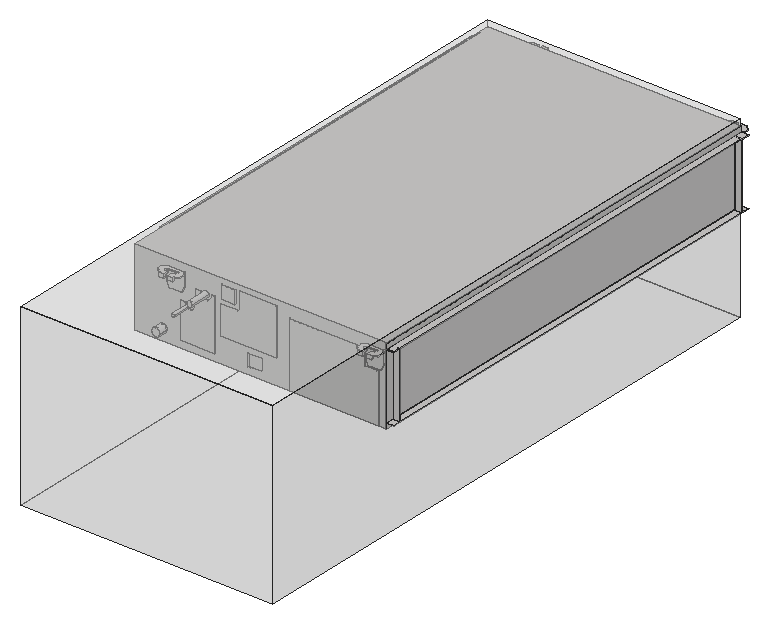
Revit family "outputfile", category 機械設備, Revit 2024
Family settings
  丸型コネクタ寸法 = 半径を使用
  パーツ タイプ = 標準
  OmniClass 番号 = 23.75.10.24.21.27.27
  OmniClass タイトル = Split System Air Conditioning Units
  作業面ベース = いいえ
  常に垂直 = はい
  ロード時にボイドで切り取り = いいえ
  注釈の向きを維持 = いいえ
  共有 = いいえ
  部屋計算ポイント = はい
Parameters (values of type "FBFC48EV2S")
  製造元 = "Daikin"
  書き出し IFC クラス(タイプ) = "IfcUnitaryEquipmentType"
  定義済み IFC タイプ(タイプ) = "AIRCONDITIONINGUNIT"
  モデル = "FBFC48EV2S"
  switch_frequency = yes
  r_Liquid Pipe Size = Liquid Pipe Size / 2  # 4.75 mm
  r_Gas Pipe Size = Gas Pipe Size / 2  # 7.95 mm
  r_Drain Pipe Size = Drain Pipe Size / 2  # 12.5 mm
  lw_power = 770.0 mm  # constant formula
  lh_SA = 138.0 mm  # constant formula
  lw_SA = if(Width = 550.0 mm, 225.0 mm, if(Width = 700.0 mm, 300.0 mm, if(Width = 1000.0 mm, 450.0 mm, if(Width = 1400.0 mm, 650.0 mm, 725.0 mm))))  # 650.0 mm
  lw_RA = if(Width = 550.0 mm, 275.0 mm, if(Width = 700.0 mm, 349.0 mm, if(Width = 1000.0 mm, 499.0 mm, if(Width = 1400.0 mm, 699.0 mm, 775.0 mm))))  # 699.0 mm
  lh_power = 60.0 mm + [h***]  # 60.0 mm
  lh_mountinghole1 = lh_mountinghole + [h***]  # 222.0 mm
  lh_RA = 123.0 mm  # constant formula
  ld_power = Width / 2  # 700.0 mm
  connector_voltage = Voltage_50Hz  # 220 V
  connector_powerinput = [Power Input (Cooling)]  # 5.525 kW
  connector_phase = Phase_50Hz  # 1
  Width = 1400.0 mm
  Voltage_comment_50Hz = "220 - 240"
  Voltage_50Hz = 220 V
  Supply Air Direction [instance] = yes
  Phase_50Hz = 1
  Minimum External Static Pressure = 50.00 Pa
  Maximum External Static Pressure = 150.00 Pa
  Material_Casing = DAIKIN_GalvanizedSteel_Casing_indoorunit
  lw_mountinghole = 630.0 mm  # constant formula
  lh_gaspipe = 183.0 mm + [h***]  # 183.0 mm
  lh_mountinghole = 222.0 mm  # constant formula
  lh_liquidpipe = 136.0 mm + [h***]  # 136.0 mm
  lh_drainpipe = 38.0 mm + [h***]  # 38.0 mm
  lh_antena = Height - lh_mountinghole + 1.0 mm  # 24.0 mm
  ld_drainpipe = Width / 2 + 26.0 mm  # 726.0 mm
  ld_liquidpipe = Width / 2 + 69.0 mm  # 769.0 mm
  ld_gaspipe = Width / 2 + 65.0 mm  # 765.0 mm
  ld_mountinghole = Width + 38.0 mm  # 1438.0 mm
  h*** = 0.0 mm  # constant formula
  lw_liquidpipe = 179.0 mm  # constant formula
  lw_gaspipe = 229.0 mm  # constant formula
  lw_drainpipe = 91.0 mm  # constant formula
  Version = "ver.1.0"
  Unit Type = "Duct"
  Unit Mass Weight = 46.00 kg
  Unit Designation [instance] = ""
  Uniclass2015Version = "Products v1.30"
  Uniclass2015Title = "Split coil room air conditioning units"
  Uniclass2015Code = "Pr_70_65_03_86"
  Total Cooling Capacity [instance] = 0.000 kW
  Sound Pressure Level_M speed (dBA) = 37.5
  Sound Pressure Level_L speed (dBA) = 35
  Sound Pressure Level_H speed (dBA) = 40
  Series = "SkyAir_Fan Coil Unit"
  Sensible Cooling Capacity [instance] = 0.000 kW
  SA Duct Size Width = 1192.0 mm
  SA Duct Size Height = 176.0 mm
  Refrigerant Type = "R32"
  RA Duct Size Width = 1352.0 mm
  RA Duct Size Height = 208.0 mm
  Power Input (Cooling) = 5.525 kW
  Option Accessory 3 [instance] = ""
  Option Accessory 2 [instance] = ""
  Option Accessory 1 [instance] = ""
  Nominal Cooling Capacity = 14.100 kW
  Minimum Airflow = 1500.00 m³/h
  Median Airflow = 1830.00 m³/h
  Maximum Airflow = 2160.00 m³/h
  Load Classification = HVAC
  Liquid Pipe Size = 9.5 mm
  Link_Nested Family [instance] = ""
  IfcVersion = ""
  IfcExportType = "AIRCONDITIONINGUNIT"
  IfcExportAs = "IfcUnitaryEquipmentType"
  Height = 245.0 mm
  Heat Exchanger Type = "Cross Fin Coil"
  Gas Pipe Size = 15.9 mm
  Frequency_50Hz = 50 Hz
  Fan Type = "Sirocco Fan"
  Fan Drive = "Direct Drive"
  FCU Tag No. [instance] = ""
  Drain Pipe Size = 25.0 mm
  Design Supply Airflow [instance] = 0.00 m³/h
  Design Return Airflow [instance] = 0.00 m³/h
  Design External Static Pressure [instance] = 0.00 Pa
  既定の高さ = 0.0 mm
  Depth = 800.0 mm
  Cooling Entering Wet Bulb Temperature [instance] = 0.00 °C
  Cooling Entering Dry Bulb Temperature [instance] = 0.00 °C
  Cooling Ambient Wet Bulb Temperature [instance] = 0.00 °C
  Cooling Ambient Dry Bulb Temperature [instance] = 0.00 °C
  Clearance visibility [instance] = yes
  Clearance Top = 20.0 mm
  Clearance Right = 0.0 mm
  Clearance Rear = 0.0 mm
  Clearance Left = 0.0 mm
  Clearance Front = 450.0 mm
  Clearance Bottom = 300.0 mm
Reference planes
  plane 1 "Center (Front/Back)": y = 0
  plane 2 "h": z = 0
  plane 3 "Center (Left/Right)": x = 0
  plane 4 "Back": y = 700
  plane 5 "Front": y = -700
  plane 6 "Left": x = -400
  plane 7 "Right": x = 400
  plane 8 "Top": z = 0
  plane 9 "Bottom": z = -245
  plane 10: y = -215
  plane 11: y = 700
  plane 12: y = -1150
  plane 13: x = -400
  plane 14: x = 400
  plane 15: z = 20
  plane 16: z = -545
  plane 17: x = -400
  plane 18: x = -399
  plane 19: x = 399
  plane 20: y = 50
  plane 21: y = -1
  plane 22: z = -122
  plane 23: y = -701
  plane 24: z = -109
  plane 25: x = -221
  plane 26: y = -765
  plane 27: z = -62
  plane 28: x = -171
  plane 29: y = -726
  plane 30: z = -207
  plane 31: x = -309
  plane 32: x = -309
  plane 33: x = -221
  plane 34: x = -171
  plane 35: x = 370
  plane 36: x = -266
  plane 37: x = 364
  plane 38: y = -719
  plane 39: y = 719
  plane 40: z = -23
  plane 41: z = -107
  plane 42: y = -769
  plane 43: z = -207
  plane 44: x = -309
  plane 45: y = -726
  plane 46: x = -251
  plane 47: x = -203
  plane 48: x = -144
  plane 49: z = -59
  plane 50: z = -106
  plane 51: z = -221
  plane 52: z = -109
  plane 53: x = -221
  plane 54: z = -62
  plane 55: x = -171
  plane 56: z = -17
  plane 57: z = -59
  plane 58: x = -121
  plane 59: x = -79
  plane 60: x = -125
  plane 61: x = -64
  plane 62: x = 53
  plane 63: z = -164
  plane 64: z = -73
  plane 65: z = -16
  plane 66: x = 93.5
  plane 67: x = 374.5
  plane 68: x = 330
  plane 69: z = -88.5
  plane 70: z = -38
  plane 71: z = -242.5
  plane 72: x = -38.5
  plane 73: x = 6.5
  plane 74: z = -181
  plane 75: z = -221
  plane 76: y = -699
  plane 77: x = -424
  plane 78: x = 424
Forms (mm)
  Extrusion 1, solid, material "DAIKIN_GalvanizedSteel_Casing_indoorunit" <- "Material_Casing"
    sketch origin (0, 0, 0) x (1, 0, 0) y (0, 1, 0)
      loop
        line (-399, 700) -> (-399, -700) -> (399, -700) -> (399, 700) -> (-399, 700)
    from -245 to 0
  Extrusion 2, solid, material "DAIKIN_GalvanizedSteel_Casing_indoorunit" <- "Material_Casing"
    sketch origin (0, 0, 0) x (1, 0, 0) y (0, 0, 1)
      loop
        line (-251, -221) -> (-144, -221) -> (-144, -59) -> (-154.47, -59)
        arc (-154.47, -59) -> (-171, -78.8) -> (-187.53, -59) r 16.8
        line (-187.53, -59) -> (-203, -59) -> (-203, -106) -> (-206.916, -106)
        arc (-206.916, -106) -> (-221, -123.4) -> (-235.084, -106) r 14.4
        line (-235.084, -106) -> (-251, -106) -> (-251, -221)
    from 700 to 701
  Extrusion 3, solid, material "DAIKIN_GalvanizedSteel_Casing_indoorunit" <- "Material_Casing"
    sketch origin (0, 0, 0) x (1, 0, 0) y (0, 0, 1)
      loop
        line (-121, -17) -> (-121, -59) -> (-79, -59) -> (-79, -17) -> (-121, -17)
      loop
        line (-125, -73) -> (-125, -164) -> (53, -164) -> (53, -16) -> (-64, -16) -> (-64, -73) -> (-125, -73)
    from 700 to 701
  Extrusion 4, solid, material "DAIKIN_GalvanizedSteel_Casing_indoorunit" <- "Material_Casing"
    sketch origin (0, 0, 0) x (1, 0, 0) y (0, 0, 1)
      loop
        line (93.5, -38) -> (93.5, -242.5) -> (374.5, -242.5) -> (374.5, -88.5) -> (330, -88.5) -> (330, -38) -> (93.5, -38)
    from 700 to 701
  Extrusion 5, solid, material "DAIKIN_GalvanizedSteel_Casing_indoorunit" <- "Material_Casing"
    sketch origin (0, 0, 0) x (1, 0, 0) y (0, 0, 1)
      loop
        circle (-221, -109) r 4.75
    from 700 to 769
  Extrusion 6, solid, material "DAIKIN_GalvanizedSteel_Casing_indoorunit" <- "Material_Casing"
    sketch origin (0, 0, 0) x (1, 0, 0) y (0, 0, 1)
      loop
        circle (-171, -62) r 7.95
    from 700 to 765
  Extrusion 7, solid, material "DAIKIN_GalvanizedSteel_Casing_indoorunit" <- "Material_Casing"
    sketch origin (0, 0, 0) x (1, 0, 0) y (0, 0, 1)
      loop
        circle (-309, -207) r 12.5
    from 701 to 726
  Extrusion 8, solid, material "DAIKIN_GalvanizedSteel_Casing_indoorunit" <- "Material_Casing"
    sketch origin (0, 0, 0) x (1, 0, 0) y (0, 0, 1)
      loop
        circle (-309, -207) r 13
    from 700 to 726
  Extrusion 9, void
    sketch origin (0, 0, 0) x (1, 0, 0) y (0, 0, 1)
      loop
        line (-38.5, -181) -> (-38.5, -221) -> (6.5, -221) -> (6.5, -181) -> (-38.5, -181)
    from 699 to 700
Cuts and joins
  Extrusion 9 cuts Extrusion 1
Dimensions and locks
  "Height": plane 8 "Top" to plane 9 "Bottom"
  equal spacing: plane 4 "Back", plane 1 "Center (Front/Back)", plane 5 "Front"
  "Width": plane 4 "Back" to plane 5 "Front"
  equal spacing: plane 6 "Left", plane 3 "Center (Left/Right)", plane 7 "Right"
  "Depth": plane 6 "Left" to plane 7 "Right"
  "Clearance Left": plane 13 to plane 6 "Left"
  "Clearance Right": plane 7 "Right" to plane 14
  "Clearance Rear": plane 11 to plane 4 "Back"
  "Clearance Front": plane 5 "Front" to plane 12
  "Clearance Top": plane 15 to plane 8 "Top"
  "Clearance Bottom": plane 9 "Bottom" to plane 16
  locked: plane 17 to plane 18 at 1
  locked: plane 19 to plane 14 at 1
  "lw_RA": plane 21 to plane 5 "Front"
  "lh_RA": plane 22 to plane 9 "Bottom"
  locked: plane 5 "Front" to plane 23 at 1
  "lw_liquidpipe": plane 25 to plane 6 "Left"
  "lh_liquidpipe": plane 24 to plane 9 "Bottom"
  "lh_gaspipe": plane 27 to plane 9 "Bottom"
  "lw_gaspipe": plane 28 to plane 6 "Left"
  "ld_gaspipe": plane 26 to plane 1 "Center (Front/Back)"
  "ld_drainpipe": plane 29 to plane 1 "Center (Front/Back)"
  "lh_drainpipe": plane 30 to plane 9 "Bottom"
  "lw_drainpipe": plane 31 to plane 6 "Left"
  "lw_drainpipe": plane 6 "Left" to plane 32
  "lw_liquidpipe": plane 6 "Left" to plane 33
  "lw_gaspipe": plane 6 "Left" to plane 34
  "lw_power": plane 6 "Left" to plane 35
  locked: plane 17 to plane 36 at 134
  "lw_mountinghole": plane 36 to plane 37
  equal spacing: plane 38, plane 1 "Center (Front/Back)", plane 39
  "ld_mountinghole": plane 39 to plane 38
  "lh_mountinghole": plane 40 to plane 9 "Bottom"
  "lh_SA": plane 41 to plane 9 "Bottom"
  locked: plane 44 to plane 6 "Left" at 91
  locked: plane 43 to plane 9 "Bottom" at 38
  locked: plane 5 "Front" to plane 45 at 26
  plane 48 to plane 47 to plane 46 to plane 6 "Left" = 59.0 mm, 48.0 mm, 149.0 mm
  plane 8 "Top" to plane 49 to plane 50 to plane 51 = 59.0 mm locked, 47.0 mm locked, 115.0 mm locked
  plane 55 to plane 53 to plane 6 "Left" = 50.0 mm locked, 179.0 mm locked
  plane 54 to plane 52 to plane 9 "Bottom" = 47.0 mm locked, 136.0 mm locked
  plane 59 to plane 58 to plane 6 "Left" = 42.0 mm locked, 279.0 mm locked
  plane 8 "Top" to plane 56 to plane 57 = 17.0 mm locked, 42.0 mm locked
  plane 62 to plane 61 to plane 60 to plane 6 "Left" = 117.0 mm, 61.0 mm, 275.0 mm
  plane 8 "Top" to plane 65 to plane 64 = 16.0 mm locked, 57.0 mm locked
  locked: plane 65 to plane 63 at 148
  plane 8 "Top" to plane 70 to plane 69 to plane 71 = 38.0 mm locked, 50.5 mm locked, 154.0 mm locked
  plane 67 to plane 68 to plane 66 to plane 6 "Left" = 44.5 mm locked, 236.5 mm locked, 493.5 mm locked
  plane 8 "Top" to plane 74 to plane 75 = 181.0 mm locked, 40.0 mm locked
  plane 73 to plane 72 to plane 6 "Left" = 45.0 mm, 361.5 mm
  locked: plane 76 to plane 5 "Front" at 1
  locked: plane 77 to plane 17 at 24
  locked: plane 14 to plane 78 at 24
  "ld_liquidpipe": plane 42 to plane 1 "Center (Front/Back)"
  "lw_SA": plane 4 "Back" to plane 20
  "r_Liquid Pipe Size": radius of Extrusion 5 sketch curve
  "r_Gas Pipe Size": radius of Extrusion 6 sketch curve
  "r_Drain Pipe Size": radius of Extrusion 7 sketch curve
  aligned and locked: level to plane 2 "h"
  aligned and locked: plane 8 "Top" to Extrusion 1
  aligned and locked: Extrusion 1 to plane 9 "Bottom"
  aligned and locked: nested 5 to plane 12
  aligned and locked: plane 13 to nested 5
  aligned and locked: plane 14 to nested 5
  aligned and locked: nested 5 to plane 13
  aligned and locked: plane 11 to nested 5
  aligned and locked: plane 15 to nested 5
  aligned and locked: plane 16 to nested 5
  aligned and locked: plane 5 "Front" to Extrusion 1 sketch curve
  aligned and locked: Extrusion 1 to plane 18
  aligned and locked: plane 19 to Extrusion 1
  aligned and locked: nested 7 to plane 18
  aligned and locked: nested 7 to plane 20
  aligned and locked: plane 19 to nested 8
  aligned and locked: plane 21 to nested 8
  aligned and locked: plane 22 to nested 8
  aligned and locked: Extrusion 2 to plane 23
  aligned and locked: plane 5 "Front" to Extrusion 2
  aligned and locked: Extrusion 3 to plane 23
  aligned and locked: plane 5 "Front" to Extrusion 3
  aligned and locked: plane 5 "Front" to Extrusion 4
  aligned and locked: Extrusion 5 sketch curve to plane 25
  aligned and locked: plane 24 to Extrusion 5 sketch curve
  aligned and locked: plane 5 "Front" to Extrusion 5
  aligned and locked: Extrusion 6 sketch curve to plane 28
  aligned and locked: plane 27 to Extrusion 6 sketch curve
  aligned and locked: plane 5 "Front" to Extrusion 6
  aligned and locked: Extrusion 7 sketch curve to plane 31
  aligned and locked: plane 30 to Extrusion 7 sketch curve
  aligned and locked: Extrusion 7 to plane 29
  aligned and locked: plane 23 to Extrusion 7
  aligned and locked: nested 3 to plane 29
  aligned and locked: nested 3 to plane 32
  aligned and locked: nested 2 to plane 33
  aligned and locked: nested 1 to plane 34
  aligned and locked: Extrusion 6 to plane 26
  aligned and locked: nested 1 to plane 26
  aligned and locked: nested 6 to plane 5 "Front"
  aligned and locked: nested 6 to plane 35
  aligned and locked: plane 36 to nested 10
  aligned and locked: nested 10 to plane 5 "Front"
  aligned and locked: plane 37 to nested 9
  aligned and locked: nested 9 to plane 5 "Front"
  aligned and locked: nested 11 to plane 36
  aligned and locked: plane 4 "Back" to nested 11
  aligned and locked: nested 12 to plane 37
  aligned and locked: plane 4 "Back" to nested 12
  aligned and locked: plane 40 to nested 10
  aligned and locked: plane 40 to nested 11
  aligned and locked: plane 40 to nested 9
  aligned and locked: plane 40 to nested 12
  aligned and locked: plane 36 to nested 14
  aligned and locked: nested 14 to plane 39
  aligned and locked: plane 37 to nested 13
  aligned and locked: nested 13 to plane 39
  aligned and locked: plane 37 to nested 16
  aligned and locked: plane 38 to nested 16
  aligned and locked: plane 38 to nested 15
  aligned and locked: plane 36 to nested 15
  aligned and locked: plane 17 to plane 6 "Left"
  aligned and locked: plane 41 to nested 7
  aligned and locked: Extrusion 5 to plane 42
  aligned and locked: nested 2 to plane 42
  aligned and locked: Extrusion 8 sketch curve to plane 44
  aligned and locked: plane 43 to Extrusion 8 sketch curve
  aligned and locked: plane 5 "Front" to Extrusion 8
  aligned and locked: plane 45 to Extrusion 8
  aligned and locked: Extrusion 3 sketch curve to plane 56
  aligned and locked: Extrusion 3 sketch curve to plane 58
  aligned and locked: plane 57 to Extrusion 3 sketch curve
  aligned and locked: plane 59 to Extrusion 3 sketch curve
  aligned and locked: Extrusion 4 to plane 23
  aligned and locked: Extrusion 9 sketch curve to plane 74
  aligned and locked: plane 75 to Extrusion 9 sketch curve
  aligned and locked: plane 73 to Extrusion 9 sketch curve
  aligned and locked: plane 5 "Front" to Extrusion 9
  aligned and locked: plane 76 to Extrusion 9
  aligned and locked: nested 17 to plane 20
  aligned and locked: nested 17 to plane 77
  aligned and locked: plane 21 to nested 18
  aligned and locked: plane 78 to nested 18
  aligned and locked: plane 41 to nested 17
  aligned and locked: nested 18 to plane 22
  aligned and locked: nested 4 to plane 3 "Center (Left/Right)"
  aligned and locked: plane 1 "Center (Front/Back)" to nested 4
  aligned and locked: level to plane 8 "Top"
Automatic sketch dimensions
  plane 6 "Left" to Extrusion 1 sketch curve = 1.0 mm
  Extrusion 1 sketch curve to plane 7 "Right" = 1.0 mm
  Extrusion 1 sketch curve to plane 4 "Back" = 0.0 mm
  Extrusion 2 sketch curve to plane 46 = 0.0 mm
  Extrusion 2 sketch curve to plane 33 = 0.0 mm
  Extrusion 2 sketch curve to plane 47 = 0.0 mm
  Extrusion 2 sketch curve to plane 34 = 0.0 mm
  Extrusion 2 sketch curve to plane 48 = 0.0 mm
  Extrusion 2 sketch curve to plane 51 = 0.0 mm
  Extrusion 2 sketch curve to plane 52 = 0.0 mm
  Extrusion 2 sketch curve to plane 50 = 0.0 mm  (x3)
  Extrusion 2 sketch curve to plane 54 = 0.0 mm
  Extrusion 2 sketch curve to plane 49 = 0.0 mm  (x3)
  plane 33 to Extrusion 2 sketch curve = 14.084 mm
  plane 34 to Extrusion 2 sketch curve = 16.53 mm
  Extrusion 3 sketch curve to plane 60 = 0.0 mm
  Extrusion 3 sketch curve to plane 61 = 0.0 mm
  Extrusion 3 sketch curve to plane 62 = 0.0 mm
  Extrusion 3 sketch curve to plane 63 = 0.0 mm
  Extrusion 3 sketch curve to plane 64 = 0.0 mm
  Extrusion 3 sketch curve to plane 65 = 0.0 mm
  Extrusion 4 sketch curve to plane 66 = 0.0 mm
  Extrusion 4 sketch curve to plane 68 = 0.0 mm
  Extrusion 4 sketch curve to plane 67 = 0.0 mm
  Extrusion 4 sketch curve to plane 71 = 0.0 mm
  Extrusion 4 sketch curve to plane 69 = 0.0 mm
  Extrusion 4 sketch curve to plane 70 = 0.0 mm
  Extrusion 9 sketch curve to plane 72 = 0.0 mm
  radius of Extrusion 8 sketch curve = 13.0 mm
Nested families
  nested 1: "daikin_connector_rotate2" at (-171, 0, -62), length <- "ld_gaspipe", built-in parameter 1001364 <- "lh_gaspipe", radius <- "r_Gas Pipe Size", type "daikin_connector_rotate2"
    with radius 7.95 mm, length 765.0 mm, angle_vertical 90.00°
  nested 2: "daikin_connector_rotate2" at (-221, 0, -109), length <- "ld_liquidpipe", built-in parameter 1001364 <- "lh_liquidpipe", radius <- "r_Liquid Pipe Size", type "daikin_connector_rotate2"
    with radius 4.75 mm, length 769.0 mm, angle_vertical 90.00°
  nested 3: "daikin_connector_rotate2" at (-309, 0, -207), length <- "ld_drainpipe", built-in parameter 1001364 <- "lh_drainpipe", radius <- "r_Drain Pipe Size", type "daikin_connector_rotate2"
    with radius 12.5 mm, length 726.0 mm, angle_vertical 90.00°
  nested 4: "daikin_△_symbolicline" at (0, 0, 245) x (0, -1, 0) z (0, 0, 1), built-in parameter 1001364 <- "Height", visible <- "Supply Air Direction", type "daikin_△_symbolicline"
    with length 200.0 mm
  nested 5: "daikin_clearancespace" at (0, -225, -262.381), visible <- "Clearance visibility", show <- "Clearance visibility", Link_Nested Family <- "Link_Nested Family", type "daikin_clearancespace"
    with width 800.0 mm, show yes, height 565.0 mm, depth 1850.0 mm, Link_Nested Family ""
  nested 6: "daikin_connector_rotate2" at (370, 0, -185), built-in parameter 1001364 <- "lh_power", length <- "ld_power", type "daikin_connector_rotate2"
    with radius 10.0 mm, length 700.0 mm, angle_vertical 90.00°
  nested 7: "daikin_ductflange_FBFC-EV2S2" at (-399, 50, -107) x (0, -1, 0) z (0, 0, 1), type "daikin_ductflange_FBFC-EV2S2"
  nested 8: "daikin_ductflange_FBFC-EV2S" at (399, -1, -122) x (0, 1, 0) z (0, 0, 1), type "daikin_ductflange_FBFC-EV2S"
    with width 1352.0 mm, lw 25.0 mm, w 1400.0 mm
  nested 9: "daikin_hangerfixture_FBFC-EV2S" at (364, -700, -23), type "daikin_hangerfixture_FBFC-EV2S"
  nested 10: "daikin_hangerfixture_FBFC-EV2S" at (-266, -700, -23), type "daikin_hangerfixture_FBFC-EV2S"
  nested 11: "daikin_hangerfixture_FBFC-EV2S" at (-266, 700, -23) x (-1, 0, 0) z (0, 0, 1), type "daikin_hangerfixture_FBFC-EV2S"
  nested 12: "daikin_hangerfixture_FBFC-EV2S" at (364, 700, -23) x (-1, 0, 0) z (0, 0, 1), type "daikin_hangerfixture_FBFC-EV2S"
  nested 13: "daikin_mountinghole" at (364, 719, -245), h_mountinghole <- "lh_mountinghole1", l_antenna <- "lh_antena", Link_Nested Family <- "Link_Nested Family", type "daikin_mountinghole"
    with show yes, l_antenna 24.0 mm, h_mountinghole 222.0 mm, Link_Nested Family ""
  nested 14: "daikin_mountinghole" at (-266, 719, -245), h_mountinghole <- "lh_mountinghole1", l_antenna <- "lh_antena", Link_Nested Family <- "Link_Nested Family", type "daikin_mountinghole"
    with show yes, l_antenna 24.0 mm, h_mountinghole 222.0 mm, Link_Nested Family ""
  nested 15: "daikin_mountinghole" at (-266, -719, -245), h_mountinghole <- "lh_mountinghole1", l_antenna <- "lh_antena", Link_Nested Family <- "Link_Nested Family", type "daikin_mountinghole"
    with show yes, l_antenna 24.0 mm, h_mountinghole 222.0 mm, Link_Nested Family ""
  nested 16: "daikin_mountinghole" at (364, -719, -245), h_mountinghole <- "lh_mountinghole1", l_antenna <- "lh_antena", Link_Nested Family <- "Link_Nested Family", type "daikin_mountinghole"
    with show yes, l_antenna 24.0 mm, h_mountinghole 222.0 mm, Link_Nested Family ""
  nested 17: "daikin_connector_rotate2" at (-400, 50, -107) x (0, -1, 0) z (0, 0, 1), type "daikin_connector_rotate2"
    with radius 10.0 mm, length 24.0 mm, angle_vertical 90.00°
  nested 18: "daikin_connector_rotate2" at (400, -1, -122) x (0, 1, 0) z (0, 0, 1), type "daikin_connector_rotate2"
    with radius 10.0 mm, length 24.0 mm, angle_vertical 90.00°
Connectors
  piping at (-309, -726, -207), diameter 25, driven by "r_Drain Pipe Size"
    settings: on nested 3, index 3, connector inside diameter 609.6 mm, connector length 0.0 mm, flow factor 0, pipe flow 0.00 m³/h, pressure drop 0.0 Pa, fitting loss kfactor 0, connector angle 0.00°, fixture units 0, engagement length 0.0 mm, angle of deflection 0.00°, flow configuration 1, flow direction 2, fitting loss method 4, system type 16, joint type 0, gender type 0, connector reference index -1, connector utility 0, adjustable connector no, is connector primary yes, connector description "Condensate Drain Piping"
  piping at (-171, -765, -62), diameter 15.9, driven by "r_Gas Pipe Size"
    settings: on nested 1, index 4, connector inside diameter 609.6 mm, connector length 0.0 mm, flow factor 0, pipe flow 0.00 m³/h, pressure drop 0.0 Pa, fitting loss kfactor 0, connector angle 0.00°, fixture units 0, engagement length 0.0 mm, angle of deflection 0.00°, flow configuration 1, flow direction 2, fitting loss method 0, system type 29, joint type 0, gender type 0, connector reference index -1, connector utility 0, adjustable connector no, is connector primary no, connector description "Refrigerant Gas Piping"
  piping at (-221, -769, -109), diameter 9.5, driven by "r_Liquid Pipe Size"
    settings: on nested 2, index 5, connector inside diameter 609.6 mm, connector length 0.0 mm, flow factor 0, pipe flow 0.00 m³/h, pressure drop 0.0 Pa, fitting loss kfactor 0, connector angle 0.00°, fixture units 0, engagement length 0.0 mm, angle of deflection 0.00°, flow configuration 1, flow direction 1, fitting loss method 0, system type 29, joint type 0, gender type 0, connector reference index -1, connector utility 0, adjustable connector no, is connector primary no, connector description "Refrigerant Liquid Piping"
  electrical at (370, -700, -185), driven by "Load Classification", driven by "connector_powerinput", driven by "connector_voltage", driven by "connector_phase"
    settings: on nested 6, index 6, voltage 220 V, apparent load 5525 VA, apparent load phase1 0 VA, apparent load phase2 0 VA, apparent load phase3 0 VA, power factor 1, load classification "HVAC", number of poles 1, system type 30, power factor state 1, is connector primary yes, connector utility no, sub classification motor no, connector description "Power Supply"
  hvac at (-424, 50, -107), driven by "SA Duct Size Height", driven by "SA Duct Size Width"
    settings: on nested 17, index 7, duct flow 0.00 m³/h, flow factor 0, pres drop 0.00 Pa, loss coef 0, conn angle 0.00°, conn width 1192.0 mm, conn height 176.0 mm, conn diameter 609.6 mm, duct sys type 1, conn prof type 1, flow config 0, flow direction 2, loss method 4, conn ref index -1, conn util no, is conn primary yes, conn desc "SA Duct"
  hvac at (424, -1, -122), driven by "RA Duct Size Height", driven by "RA Duct Size Width"
    settings: on nested 18, index 8, duct flow 0.00 m³/h, flow factor 0, pres drop 0.00 Pa, loss coef 0, conn angle 0.00°, conn width 1352.0 mm, conn height 208.0 mm, conn diameter 609.6 mm, duct sys type 2, conn prof type 1, flow config 0, flow direction 1, loss method 4, conn ref index -1, conn util no, is conn primary no, conn desc "RA Duct"
Definition of nested family "daikin_clearancespace"
  Parameters (values of type "daikin_clearancespace")
    Description = "daikin_clearancespace"
    width [instance] = 1823.963 mm
    show [instance] = yes
    material = none
    height [instance] = 1359.762 mm
    depth [instance] = 880.0 mm
    Default Elevation = 0.0 mm
    Link_Nested Family [instance] = ""
  Reference planes
    plane 1 "Center (Front/Back)": y = 0
    plane 2 "Center (Elevation)": z = -0.119
    plane 3 "Center (Left/Right)": x = 0
    plane 4: y = 440
    plane 5: y = -440
    plane 6 "Right": x = 911.982
    plane 7 "Left": x = -911.982
    plane 8 "Top": z = 679.762
    plane 9 "Bottom": z = -680
  Forms (mm)
    Extrusion 1, solid, material <- "material", visible <- "show"
      sketch origin (0, 0, 0) x (1, 0, 0) y (0, 1, 0)
        loop
          line (-911.982, 440) -> (-911.982, -440) -> (911.982, -440) -> (911.982, 440) -> (-911.982, 440)
      from -680 to 679.762
  Lines and regions (mm)
    symbolic lines, visible <- "show"
      curve 1: line (911.982, 440, 0) -> (-911.982, 440, 0)
      curve 2: line (-911.982, 440, 0) -> (-911.982, -440, 0)
      curve 3: line (-911.982, -440, 0) -> (911.982, -440, 0)
      curve 4: line (911.982, -440, 0) -> (911.982, 440, 0)
      curve 5: line (911.982, 0, 679.762) -> (-911.982, 0, 679.762)
      curve 6: line (911.982, 0, -680) -> (911.982, 0, 679.762)
      curve 7: line (-911.982, 0, -680) -> (911.982, 0, -680)
      curve 8: line (-911.982, 0, 679.762) -> (-911.982, 0, -680)
      curve 9: line (0, 440, 679.762) -> (0, -440, 679.762)
      curve 10: line (0, -440, 679.762) -> (0, -440, -680)
      curve 11: line (0, 440, -680) -> (0, 440, 679.762)
      curve 12: line (0, -440, -680) -> (0, 440, -680)
  Dimensions and locks
    "width": plane 7 "Left" to plane 6 "Right"
    "depth": plane 4 to plane 5
    "height": plane 8 "Top" to plane 9 "Bottom"
    equal spacing: plane 7 "Left", plane 3 "Center (Left/Right)", plane 6 "Right"
    equal spacing: plane 4, plane 1 "Center (Front/Back)", plane 5
    equal spacing: plane 8 "Top", plane 2 "Center (Elevation)", plane 9 "Bottom"
    aligned and locked: level to plane 2 "Center (Elevation)"
    aligned and locked: Extrusion 1 sketch curve to plane 4
    aligned and locked: plane 7 "Left" to Extrusion 1 sketch curve
    aligned and locked: Extrusion 1 sketch curve to plane 5
    aligned and locked: Extrusion 1 sketch curve to plane 6 "Right"
    aligned and locked: plane 8 "Top" to Extrusion 1
    aligned and locked: curve 1 to Extrusion 1
    aligned and locked: curve 2 to Extrusion 1
    aligned and locked: curve 3 to Extrusion 1
    aligned and locked: curve 4 to Extrusion 1
    aligned and locked: curve 5 to Extrusion 1
    aligned and locked: curve 6 to Extrusion 1
    aligned and locked: curve 7 to Extrusion 1
    aligned and locked: curve 8 to Extrusion 1
    aligned and locked: curve 9 to Extrusion 1
    aligned and locked: curve 10 to Extrusion 1
    aligned and locked: curve 11 to Extrusion 1
    aligned and locked: curve 12 to Extrusion 1
    aligned and locked: Extrusion 1 to plane 9 "Bottom"
Definition of nested family "daikin_ductflange_FBFC-EV2S2"
  Parameters (values of type "daikin_ductflange_FBFC-DVMG2")
    width = if(w = 550.0 mm, 337.0 mm, if(w = 700.0 mm, 492.0 mm, if(w = 1000.0 mm, 792.0 mm, if(w = 1400.0 mm, 1192.0 mm, 1337.0 mm))))  # 1192.0 mm
    material = none
    height = 215.0 mm
    depth = 1.0 mm
    w = 1400.0 mm
    Default Elevation = 0.0 mm
  Reference planes
    plane 1 "Center (Front/Back)": y = 0
    plane 2: z = 0
    plane 3 "Center (Left/Right)": x = 0
    plane 4: z = 88
    plane 5: z = -88
    plane 6: y = -25
    plane 7: z = 106
    plane 8: z = 89
    plane 9: y = -1
    plane 10: x = -617.5
    plane 11: x = 617.5
    plane 12: z = -106
    plane 13: z = -89
    plane 14: y = -1
    plane 15: x = 596
    plane 16: x = -596
    plane 17: x = 597
    plane 18: z = 87
    plane 19: z = -87
    plane 20: x = -597
    plane 21: z = 87
    plane 22: z = -87
    plane 23: y = -1
  Forms (mm)
    Extrusion 1, solid, material <- "material"
      sketch origin (0, 0, 0) x (0, 1, 0) y (0, 0, 1)
        loop
          line (-25, 88) -> (0, 88) -> (0, 106) -> (-1, 106) -> (-1, 89) -> (-25, 89) -> (-25, 88)
      from -617.5 to 617.5
    Extrusion 2, solid, material <- "material"
      sketch origin (0, 0, 0) x (0, 1, 0) y (0, 0, 1)
        loop
          line (-25, -88) -> (-25, -89) -> (-1, -89) -> (-1, -106) -> (0, -106) -> (0, -88) -> (-25, -88)
      from -617.5 to 617.5
    Extrusion 3, solid, material <- "material"
      sketch origin (0, 0, 0) x (1, 0, 0) y (0, 0, 1)
        loop
          line (596, 88) -> (596, -88) -> (617.5, -88) -> (617.5, -87) -> (597, -87) -> (597, 87) -> (617.5, 87) -> (617.5, 88) -> (596, 88)
      from 0 to 25
    Extrusion 4, solid, material <- "material"
      sketch origin (0, 0, 0) x (1, 0, 0) y (0, 0, 1)
        loop
          line (-617.5, 88) -> (-617.5, 87) -> (-597, 87) -> (-597, -87) -> (-617.5, -87) -> (-617.5, -88) -> (-596, -88) -> (-596, 88) -> (-617.5, 88)
      from 0 to 25
    Extrusion 5, solid, material <- "material"
      sketch origin (0, 0, 0) x (1, 0, 0) y (0, 0, 1)
        loop
          line (-617.5, 88) -> (-617.5, -88) -> (-596, -88) -> (-596, 88) -> (-617.5, 88)
        loop
          line (617.5, 88) -> (596, 88) -> (596, -88) -> (617.5, -88) -> (617.5, 88)
      from 0 to 1
  Cuts and joins
    joined: Extrusion 1, Extrusion 2, Extrusion 3, Extrusion 4, Extrusion 5
  Dimensions and locks
    plane 4 to level to plane 5 = 88.0 mm, 88.0 mm
    locked: plane 6 to plane 1 "Center (Front/Back)" at 25
    locked: plane 9 to plane 1 "Center (Front/Back)" at 1
    locked: plane 8 to plane 4 at 1
    locked: plane 16 to plane 10 at 21.5
    locked: plane 17 to plane 15 at 1
    locked: plane 4 to plane 18 at 1
    locked: plane 19 to plane 5 at 1
    "width": plane 15 to plane 16
    plane 4 to plane 5 = 176.0 mm
    locked: plane 16 to plane 20 at 1
    locked: plane 4 to plane 21 at 1
    locked: plane 22 to plane 5 at 1
    locked: plane 23 to plane 1 "Center (Front/Back)" at 1
    plane 4 to level to plane 5 = 88.0 mm locked, 88.0 mm locked
    locked: plane 5 to plane 13 at 1
    locked: plane 5 to plane 12 at 18
    locked: plane 7 to plane 4 at 18
    equal spacing: plane 15, plane 3 "Center (Left/Right)", plane 16
    locked: plane 11 to plane 15 at 21.5
    plane 11 to plane 10 = 1235.0 mm
    aligned and locked: level to plane 2
    aligned and locked: Extrusion 1 to plane 10
    aligned and locked: plane 11 to Extrusion 1
    aligned and locked: plane 5 to Extrusion 2
    aligned and locked: Extrusion 2 to plane 1 "Center (Front/Back)"
    aligned and locked: plane 15 to Extrusion 3 sketch curve
    aligned and locked: Extrusion 3 sketch curve to Extrusion 2  (x2)
    aligned and locked: Extrusion 3 sketch curve to plane 11
    aligned and locked: plane 6 to Extrusion 3
    aligned and locked: Extrusion 2 to plane 10
    aligned and locked: plane 11 to Extrusion 2
    aligned and locked: Extrusion 4 sketch curve to Extrusion 1  (x2)
    aligned and locked: plane 5 to Extrusion 4 sketch curve
    aligned and locked: Extrusion 4 sketch curve to plane 16
    aligned and locked: Extrusion 4 sketch curve to plane 22
    aligned and locked: plane 20 to Extrusion 4 sketch curve
    aligned and locked: plane 21 to Extrusion 4 sketch curve
    aligned and locked: Extrusion 4 to plane 1 "Center (Front/Back)"
    aligned and locked: plane 6 to Extrusion 4
    aligned and locked: Extrusion 5 sketch curve to Extrusion 1  (x4)
    aligned and locked: Extrusion 5 sketch curve to Extrusion 4  (x2)
    aligned and locked: Extrusion 5 sketch curve to Extrusion 3  (x2)
    aligned and locked: Extrusion 5 to plane 1 "Center (Front/Back)"
    aligned and locked: plane 23 to Extrusion 5
  Automatic sketch dimensions
    Extrusion 1 sketch curve to plane 6 = 0.0 mm
    Extrusion 1 sketch curve to plane 7 = 0.0 mm
    Extrusion 1 sketch curve to plane 9 = 0.0 mm
    Extrusion 1 sketch curve to plane 1 "Center (Front/Back)" = 0.0 mm
    Extrusion 1 sketch curve to plane 4 = 0.0 mm
    Extrusion 1 sketch curve to plane 8 = 0.0 mm
    Extrusion 2 sketch curve to plane 6 = 0.0 mm
    plane 12 to Extrusion 2 sketch curve = 0.0 mm
    Extrusion 2 sketch curve to plane 14 = 0.0 mm
    Extrusion 2 sketch curve to plane 1 "Center (Front/Back)" = 0.0 mm
    plane 13 to Extrusion 2 sketch curve = 0.0 mm
    Extrusion 2 sketch curve to plane 5 = 0.0 mm
    Extrusion 3 sketch curve to plane 17 = 0.0 mm
    Extrusion 3 sketch curve to plane 19 = 0.0 mm
    Extrusion 3 sketch curve to plane 18 = 0.0 mm
    Extrusion 3 sketch curve to plane 4 = 0.0 mm
    Extrusion 4 sketch curve to plane 10 = 0.0 mm
Definition of nested family "daikin_ductflange_FBFC-EV2S"
  Parameters (values of type "daikin_ductflange_FBFC-DVMG")
    width = if(w = 550.0 mm, 502.0 mm, if(w = 700.0 mm, 654.0 mm, if(w = 1000.0 mm, 952.0 mm, if(w = 1400.0 mm, 1352.0 mm, 1502.0 mm))))  # 654.0 mm
    material = none
    lw = if(width = 654.0 mm, 23.0 mm, 25.0 mm)  # 23.0 mm
    height = 208.0 mm
    depth = 1.0 mm
    w = 700.0 mm
    Default Elevation = 0.0 mm
  Reference planes
    plane 1 "Center (Front/Back)": y = 0
    plane 2: z = 0
    plane 3 "Center (Left/Right)": x = 0
    plane 4: z = 104
    plane 5: z = -104
    plane 6: y = -25
    plane 7: z = 121
    plane 8: z = 105
    plane 9: y = -1
    plane 10: x = -350
    plane 11: x = 350
    plane 12: z = -122
    plane 13: z = -105
    plane 14: y = -1
    plane 15: x = 327
    plane 16: x = -327
    plane 17: x = 328
    plane 18: z = 103
    plane 19: z = -103
    plane 20: x = -328
    plane 21: z = 103
    plane 22: z = -103
    plane 23: y = -1
  Forms (mm)
    Extrusion 1, solid, material <- "material"
      sketch origin (0, 0, 0) x (0, 1, 0) y (0, 0, 1)
        loop
          line (-25, 104) -> (0, 104) -> (0, 121) -> (-1, 121) -> (-1, 105) -> (-25, 105) -> (-25, 104)
      from -350 to 350
    Extrusion 2, solid, material <- "material"
      sketch origin (0, 0, 0) x (0, 1, 0) y (0, 0, 1)
        loop
          line (-25, -104) -> (-25, -105) -> (-1, -105) -> (-1, -122) -> (0, -122) -> (0, -104) -> (-25, -104)
      from -350 to 350
    Extrusion 3, solid, material <- "material"
      sketch origin (0, 0, 0) x (1, 0, 0) y (0, 0, 1)
        loop
          line (327, 104) -> (327, -104) -> (350, -104) -> (350, -103) -> (328, -103) -> (328, 103) -> (350, 103) -> (350, 104) -> (327, 104)
      from 0 to 25
    Extrusion 4, solid, material <- "material"
      sketch origin (0, 0, 0) x (1, 0, 0) y (0, 0, 1)
        loop
          line (-350, 104) -> (-350, 103) -> (-328, 103) -> (-328, -103) -> (-350, -103) -> (-350, -104) -> (-327, -104) -> (-327, 104) -> (-350, 104)
      from 0 to 25
    Extrusion 5, solid, material <- "material"
      sketch origin (0, 0, 0) x (1, 0, 0) y (0, 0, 1)
        loop
          line (-350, 104) -> (-350, -104) -> (-327, -104) -> (-327, 104) -> (-350, 104)
        loop
          line (350, 104) -> (327, 104) -> (327, -104) -> (350, -104) -> (350, 104)
      from 0 to 1
  Cuts and joins
    joined: Extrusion 1, Extrusion 2, Extrusion 3, Extrusion 4, Extrusion 5
  Dimensions and locks
    plane 4 to level to plane 5 = 104.0 mm, 104.0 mm
    locked: plane 6 to plane 1 "Center (Front/Back)" at 25
    locked: plane 9 to plane 1 "Center (Front/Back)" at 1
    locked: plane 8 to plane 4 at 1
    "lw": plane 11 to plane 15
    "lw": plane 16 to plane 10
    locked: plane 17 to plane 15 at 1
    locked: plane 4 to plane 18 at 1
    locked: plane 19 to plane 5 at 1
    "width": plane 15 to plane 16
    equal spacing: plane 15, plane 3 "Center (Left/Right)", plane 16
    locked: plane 16 to plane 20 at 1
    locked: plane 4 to plane 21 at 1
    locked: plane 22 to plane 5 at 1
    locked: plane 23 to plane 1 "Center (Front/Back)" at 1
    locked: plane 7 to plane 4 at 17
    locked: plane 1 "Center (Front/Back)" to plane 14 at 1
    locked: plane 5 to plane 13 at 1
    "height": plane 4 to plane 5
    plane 11 to plane 10 = 700.0 mm
    locked: plane 12 to plane 13 at 17
    equal spacing: plane 4, level, plane 5
    aligned and locked: level to plane 2
    aligned and locked: Extrusion 1 to plane 10
    aligned and locked: plane 11 to Extrusion 1
    aligned and locked: plane 5 to Extrusion 2
    aligned and locked: Extrusion 2 to plane 1 "Center (Front/Back)"
    aligned and locked: plane 15 to Extrusion 3 sketch curve
    aligned and locked: Extrusion 3 sketch curve to Extrusion 2  (x2)
    aligned and locked: Extrusion 3 sketch curve to plane 11
    aligned and locked: plane 6 to Extrusion 3
    aligned and locked: Extrusion 2 to plane 10
    aligned and locked: plane 11 to Extrusion 2
    aligned and locked: Extrusion 4 sketch curve to Extrusion 1  (x2)
    aligned and locked: plane 5 to Extrusion 4 sketch curve
    aligned and locked: Extrusion 4 sketch curve to plane 16
    aligned and locked: Extrusion 4 sketch curve to plane 22
    aligned and locked: plane 20 to Extrusion 4 sketch curve
    aligned and locked: plane 21 to Extrusion 4 sketch curve
    aligned and locked: Extrusion 4 to plane 1 "Center (Front/Back)"
    aligned and locked: plane 6 to Extrusion 4
    aligned and locked: Extrusion 5 sketch curve to Extrusion 1  (x4)
    aligned and locked: Extrusion 5 sketch curve to Extrusion 4  (x2)
    aligned and locked: Extrusion 5 sketch curve to Extrusion 3  (x2)
    aligned and locked: Extrusion 5 to plane 1 "Center (Front/Back)"
    aligned and locked: plane 23 to Extrusion 5
  Automatic sketch dimensions
    Extrusion 1 sketch curve to plane 6 = 0.0 mm
    Extrusion 1 sketch curve to plane 7 = 0.0 mm
    Extrusion 1 sketch curve to plane 9 = 0.0 mm
    Extrusion 1 sketch curve to plane 1 "Center (Front/Back)" = 0.0 mm
    Extrusion 1 sketch curve to plane 4 = 0.0 mm
    Extrusion 1 sketch curve to plane 8 = 0.0 mm
    Extrusion 2 sketch curve to plane 6 = 0.0 mm
    plane 12 to Extrusion 2 sketch curve = 0.0 mm
    Extrusion 2 sketch curve to plane 14 = 0.0 mm
    Extrusion 2 sketch curve to plane 1 "Center (Front/Back)" = 0.0 mm
    plane 13 to Extrusion 2 sketch curve = 0.0 mm
    Extrusion 2 sketch curve to plane 5 = 0.0 mm
    Extrusion 3 sketch curve to plane 17 = 0.0 mm
    Extrusion 3 sketch curve to plane 19 = 0.0 mm
    Extrusion 3 sketch curve to plane 18 = 0.0 mm
    Extrusion 3 sketch curve to plane 4 = 0.0 mm
    Extrusion 4 sketch curve to plane 10 = 0.0 mm
Definition of nested family "daikin_hangerfixture_FBFC-EV2S"
  Parameters (values of type "daikin_hangerfixture_FXMQ-PAVE")
    width = 72.0 mm
    material = none
    height = 60.0 mm
    depth = 41.0 mm
    Default Elevation = 0.0 mm
  Reference planes
    plane 1 "Center (Front/Back)": y = 0
    plane 2: z = 0
    plane 3 "Center (Left/Right)": x = 0
    plane 4: y = 417.146
    plane 5: y = -41
    plane 6: x = -36
    plane 7: x = 36
    plane 8: z = -2.3
    plane 9: z = -60
    plane 10: y = -2.3
    plane 11: z = -12
    plane 12: y = -38.7
  Forms (mm)
    Extrusion 1, solid, material <- "material"
      sketch origin (0, 0, 0) x (1, 0, 0) y (0, 1, 0)
        loop
          line (-28, 0) -> (-28, -5)
          arc (-28, -5) -> (-29.127, -8.162) -> (-32, -9.899) r 5
          arc (-32, -9.899) -> (-34.873, -11.636) -> (-36, -14.798) r 5
          line (-36, -14.798) -> (-36, -27.178)
          arc (-36, -27.178) -> (-35.429, -29.499) -> (-33.846, -31.289) r 5
          line (-33.846, -31.289) -> (-23, -38.798) -> (-23, -41.098) -> (-6.5, -41.098) -> (-6.5, -28.498)
          arc (-6.5, -28.498) -> (-7.379, -26.377) -> (-9.5, -25.498) r 3
          line (-9.5, -25.498) -> (-13.5, -25.498)
          arc (-13.5, -25.498) -> (-20, -18.998) -> (-13.5, -12.498) r 6.5
          line (-13.5, -12.498) -> (13.5, -12.498)
          arc (13.5, -12.498) -> (20, -18.998) -> (13.5, -25.498) r 6.5
          line (13.5, -25.498) -> (9.5, -25.498)
          arc (9.5, -25.498) -> (7.379, -26.377) -> (6.5, -28.498) r 3
          line (6.5, -28.498) -> (6.5, -41.098) -> (23, -41.098) -> (23, -38.798) -> (33.846, -31.289)
          arc (33.846, -31.289) -> (35.429, -29.499) -> (36, -27.178) r 5
          line (36, -27.178) -> (36, -14.596)
          arc (36, -14.596) -> (34.873, -11.434) -> (32, -9.697) r 5
          arc (32, -9.697) -> (29.127, -7.96) -> (28, -4.798) r 5
          line (28, -4.798) -> (28, 0) -> (-28, 0)
      from 0 to -2.3
    Extrusion 2, solid, material <- "material"
      sketch origin (0, 0, 0) x (1, 0, 0) y (0, 0, 1)
        loop
          line (28, -39.037) -> (28, 0) -> (-28, 0) -> (-28, -39.037)
          arc (-28, -39.037) -> (-27.91, -39.983) -> (-27.642, -40.894) r 5
          line (-27.642, -40.894) -> (-21.257, -56.857)
          arc (-21.257, -56.857) -> (-19.418, -59.14) -> (-16.615, -60) r 5
          line (-16.615, -60) -> (16.615, -60)
          arc (16.615, -60) -> (19.418, -59.14) -> (21.257, -56.857) r 5
          line (21.257, -56.857) -> (27.642, -40.894)
          arc (27.642, -40.894) -> (27.91, -39.983) -> (28, -39.037) r 5
      from 0 to 2.3
    Extrusion 3, solid, material <- "material"
      sketch origin (0, 0, 0) x (1, 0, 0) y (0, 0, 1)
        loop
          line (-23, 0) -> (-23, -9)
          arc (-23, -9) -> (-22.121, -11.121) -> (-20, -12) r 3
          line (-20, -12) -> (-9.5, -12)
          arc (-9.5, -12) -> (-7.379, -11.121) -> (-6.5, -9) r 3
          line (-6.5, -9) -> (-6.5, 0) -> (-23, 0)
        loop
          line (23, 0) -> (6.5, 0) -> (6.5, -9)
          arc (6.5, -9) -> (7.379, -11.121) -> (9.5, -12) r 3
          line (9.5, -12) -> (20, -12)
          arc (20, -12) -> (22.121, -11.121) -> (23, -9) r 3
          line (23, -9) -> (23, 0)
      from 38.8 to 41.098
  Cuts and joins
    joined: Extrusion 1, Extrusion 2, Extrusion 3
  Dimensions and locks
    plane 2 to plane 8 = 2.3 mm
    "height": plane 2 to plane 9
    locked: plane 10 to plane 1 "Center (Front/Back)" at 2.3
    locked: plane 2 to plane 11 at 12
    locked: plane 12 to plane 5 at 2.3
    aligned and locked: level to plane 2
    aligned and locked: Extrusion 1 to plane 8
    aligned and locked: plane 2 to Extrusion 1
    aligned and locked: plane 2 to Extrusion 2 sketch curve
    aligned and locked: Extrusion 2 to plane 10
    aligned and locked: Extrusion 2 to plane 1 "Center (Front/Back)"
    aligned and locked: Extrusion 3 sketch curve to cut or joined group of Extrusion 1, Extrusion 2, Extrusion 3  (x3)
    aligned and locked: cut or joined group of Extrusion 1, Extrusion 2, Extrusion 3 to Extrusion 3
  Automatic sketch dimensions
    Extrusion 2 sketch curve to plane 7 = 8.0 mm
    Extrusion 2 sketch curve to plane 8 = 36.737 mm
    plane 6 to Extrusion 2 sketch curve = 19.385 mm
    Extrusion 1 sketch curve to plane 6 = 0.0 mm
    plane 1 "Center (Front/Back)" to Extrusion 1 sketch curve = 0.0 mm
    Extrusion 1 sketch curve to plane 7 = 0.0 mm
    plane 6 to Extrusion 1 sketch curve = 2.154 mm
    plane 6 to Extrusion 1 sketch curve = 3.0 mm
    Extrusion 1 sketch curve to Extrusion 1 sketch curve = 5.0 mm  (x3)
    Extrusion 1 sketch curve to plane 12 = 0.098 mm  (x2)
    Extrusion 1 sketch curve to Extrusion 1 sketch curve = 4.0 mm  (x2)
    Extrusion 1 sketch curve to plane 5 = 0.098 mm  (x2)
    Extrusion 1 sketch curve to plane 3 "Center (Left/Right)" = 6.5 mm
    plane 3 "Center (Left/Right)" to Extrusion 1 sketch curve = 6.5 mm
    Extrusion 1 sketch curve to Extrusion 1 sketch curve = 3.0 mm
    Extrusion 1 sketch curve to plane 7 = 8.0 mm
    Extrusion 1 sketch curve to plane 7 = 5.0 mm
    Extrusion 1 sketch curve to plane 7 = 3.0 mm
    Extrusion 1 sketch curve to plane 7 = 2.154 mm
    plane 12 to Extrusion 1 sketch curve = 7.411 mm  (x2)
    plane 12 to Extrusion 1 sketch curve = 10.202 mm  (x2)
    Extrusion 1 sketch curve to Extrusion 1 sketch curve = 6.5 mm  (x2)
    Extrusion 1 sketch curve to Extrusion 1 sketch curve = 12.38 mm
    Extrusion 1 sketch curve to plane 10 = 12.296 mm
    Extrusion 1 sketch curve to plane 10 = 2.7 mm
    Extrusion 1 sketch curve to plane 10 = 2.498 mm
    plane 6 to Extrusion 1 sketch curve = 4.0 mm
    Extrusion 1 sketch curve to Extrusion 1 sketch curve = 0.0 mm  (x2)
    Extrusion 1 sketch curve to plane 7 = 4.0 mm
    Extrusion 1 sketch curve to Extrusion 1 sketch curve = 4.111 mm
    Extrusion 3 sketch curve to level = 0.0 mm  (x2)
    Extrusion 3 sketch curve to plane 11 = 0.0 mm  (x2)
    plane 11 to Extrusion 3 sketch curve = 3.0 mm  (x2)
    plane 3 "Center (Left/Right)" to Extrusion 3 sketch curve = 6.5 mm
    Extrusion 3 sketch curve to Extrusion 3 sketch curve = 3.0 mm  (x2)
    Extrusion 2 sketch curve to plane 9 = 0.0 mm
    Extrusion 2 sketch curve to Extrusion 2 sketch curve = 11.385 mm
    plane 6 to Extrusion 2 sketch curve = 8.0 mm
    plane 9 to Extrusion 2 sketch curve = 20.963 mm
    Extrusion 2 sketch curve to Extrusion 2 sketch curve = 5.0 mm  (x2)
    plane 9 to Extrusion 2 sketch curve = 3.143 mm  (x3)
    Extrusion 2 sketch curve to Extrusion 2 sketch curve = 4.642 mm  (x2)
    Extrusion 2 sketch curve to Extrusion 2 sketch curve = 0.0 mm  (x2)
    Extrusion 2 sketch curve to Extrusion 2 sketch curve = 0.358 mm
    Extrusion 2 sketch curve to Extrusion 2 sketch curve = 1.857 mm  (x2)
Definition of nested family "daikin_connector_rotate2"
  Parameters (values of type "daikin_connector_rotate2")
    Default Elevation = 1219.2 mm
    show_face = no
    radius [instance] = 10.0 mm
    length [instance] = 600.0 mm
    d_surface = 10.0 mm
    angle_vertical [instance] = 90.00°
  Reference planes
    plane 1 "Center (Front/Back)": y = 0
    plane 2: z = 0
    plane 3 "Center (Left/Right)": x = 0
  Forms (mm)
    Extrusion 1, solid, visible <- "show_face"
      sketch origin (0, -600, 0) x (1, 0, 0) y (0, 0, 1)
        loop
          circle (0, 0) r 10
      from 0 to -10
  Lines and regions (mm)
    reference lines
      curve 1: line (0, 0, 0) -> (0, -600, 0)
    symbolic lines
      curve 2: circle (0, 0, 0) r 5 normal (0, 0, 1)
    model lines, visible <- "show_face"
      curve 3: line (0, 0, 0) -> (0, -600, 0)
  Dimensions and locks
    "length": curve 1 to curve 1
    "length": curve 3 to curve 3
    "d_surface": Extrusion 1 to Extrusion 1
    "radius": radius of Extrusion 1 sketch curve
    "angle_vertical": angle curve 1 to plane 1 "Center (Front/Back)"
    "angle_vertical": angle curve 3 to plane 1 "Center (Front/Back)"
    aligned and locked: level to plane 2
    aligned and locked: plane 1 "Center (Front/Back)" to curve 1
    aligned and locked: plane 2 to curve 1
    aligned and locked: plane 1 "Center (Front/Back)" to curve 2
    aligned and locked: plane 3 "Center (Left/Right)" to curve 2
    aligned and locked: plane 1 "Center (Front/Back)" to curve 3
    aligned and locked: plane 2 to curve 3
    aligned and locked: Extrusion 1 to Extrusion 1
  Automatic sketch dimensions
    Extrusion 1 sketch curve to level = 0.0 mm
    Extrusion 1 sketch curve to plane 3 "Center (Left/Right)" = 0.0 mm
    radius of curve 2 = 5.0 mm
Definition of nested family "daikin_△_symbolicline"
  Parameters (values of type "daikin_△_symbolicline")
    length [instance] = 200.0 mm
    Default Elevation = 0.0 mm
  Reference planes
    plane 1 "Center (Front/Back)": y = 0
    plane 2: z = 0
    plane 3 "Center (Left/Right)": x = 0
  Lines and regions (mm)
    symbolic lines
      curve 1: line (0, -173.205, 0) -> (100, 0, 0)
      curve 2: line (100, 0, 0) -> (-100, 0, 0)
      curve 3: line (-100, 0, 0) -> (0, -173.205, 0)
  Dimensions and locks
    equal spacing: curve 3, plane 3 "Center (Left/Right)", curve 2
    "length": curve 3 to curve 2
    "length": curve 3 to curve 3
    "length": curve 1 to curve 1
    aligned and locked: level to plane 2
    aligned and locked: curve 2 to plane 1 "Center (Front/Back)"
    aligned and locked: plane 3 "Center (Left/Right)" to curve 3
Definition of nested family "daikin_mountinghole"
  Parameters (values of type "daikin_mountinghole")
    Default Elevation = 1219.2 mm
    Type Comments = "mountinghole"
    show [instance] = yes
    material = none
    l_centerline = 100.0 mm
    l_antenna [instance] = 100.0 mm
    h_mountinghole [instance] = 0.0 mm
    d_circle = 30.0 mm
    Link_Nested Family [instance] = ""
  Reference planes
    plane 1 "Center (Front/Back)": y = 0
    plane 2: z = 0
    plane 3 "Center (Left/Right)": x = 0
    plane 4: y = 50
    plane 5: x = -50
    plane 6: x = 50
    plane 7: y = -50
    plane 8 "h_mountinghole": z = 0
    plane 9: z = 100
  Lines and regions (mm)
    model lines, detail levels fine
      curve 1: circle (0, 0, 0) r 15 normal (0, 0, 1)
      curve 2: line (-50, 0, 0) -> (50, 0, 0)
      curve 3: line (0, 50, 0) -> (0, -50, 0)
    symbolic lines, detail levels fine
      curve 4: circle (0, 0, 0) r 15 normal (0, 0, 1)
      curve 5: line (-50, 0, 0) -> (50, 0, 0)
      curve 6: line (0, 50, 0) -> (0, -50, 0)
    model lines
      curve 7: line (0, 0, 100) -> (0, 0, 0)
  Dimensions and locks
    equal spacing: plane 4, plane 1 "Center (Front/Back)", plane 7
    "l_centerline": plane 4 to plane 7
    equal spacing: plane 5, plane 3 "Center (Left/Right)", plane 6
    "l_centerline": plane 5 to plane 6
    "l_antenna": plane 9 to plane 8 "h_mountinghole"
    "h_mountinghole": plane 8 "h_mountinghole" to plane 2
    "d_circle": diameter of curve 1
    "d_circle": diameter of curve 4
    aligned and locked: level to plane 2
    aligned and locked: plane 1 "Center (Front/Back)" to curve 1
    aligned and locked: plane 3 "Center (Left/Right)" to curve 1
    aligned and locked: plane 1 "Center (Front/Back)" to curve 2
    aligned and locked: curve 3 to plane 3 "Center (Left/Right)"
    aligned and locked: plane 6 to curve 2
    aligned and locked: plane 5 to curve 2
    aligned and locked: plane 4 to curve 3
    aligned and locked: plane 7 to curve 3
    aligned and locked: plane 1 "Center (Front/Back)" to curve 4
    aligned and locked: plane 3 "Center (Left/Right)" to curve 4
    aligned and locked: plane 6 to curve 5
    aligned and locked: plane 5 to curve 5
    aligned and locked: plane 1 "Center (Front/Back)" to curve 5
    aligned and locked: plane 4 to curve 6
    aligned and locked: plane 7 to curve 6
    aligned and locked: curve 6 to plane 3 "Center (Left/Right)"
    aligned and locked: curve 7 to plane 3 "Center (Left/Right)"
    aligned and locked: plane 9 to curve 7
    aligned and locked: plane 8 "h_mountinghole" to curve 7
